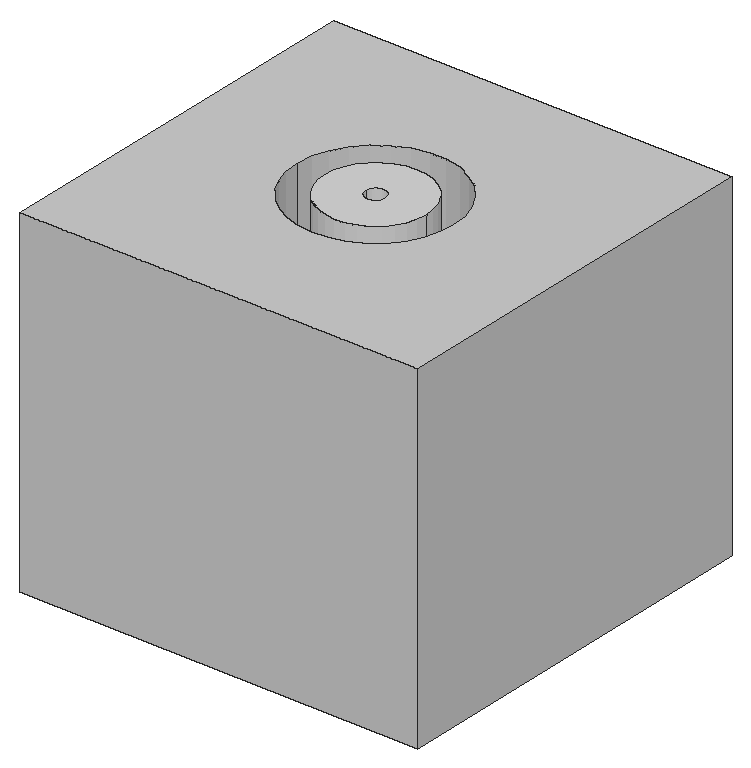
Revit family "Domotics-DomesticRanges-GEWISS-CHORUS_DATA-SOCKET-OUTLET_TV-SAT_2M", category Apparecchi elettrici, host Superficie, Revit 2016
Family settings
  Host = Superficie
  Mantenere orientamento annotazione = Sì
  Tipo di parte = Normale
  Quota connettore circolare = Usa diametro
  Taglio con vuoti quando caricato = Sì
  Condiviso = Sì
  Punto di calcolo locali = Sì
Parameters (values of type "GW14377 - TV/SAT SOCKET 2M DIRECT F.CONN F TIT.")
  Volt = 230 V
  Vista in pianta [instance] = yes
  Version file RFA = "19.0"
  URL = "https://www.gewiss.com/ww/en"
  Tipo_ = SYSTEM PRESE TV-SAT_GENERICO : GW titanio
  Technical sheet = "https://www.gewiss.com/ww/en/search?q=GW14377"
  Simbolo [instance] = yes
  Realized by GEWISS S.p.A. = ""
  Default Elevation = 1219.2 mm
  Produttore = "GEWISS S.p.A."
  Offset presa [instance] = 0 mm
  Offset bidimensionale [instance] = 39.3 mm
  N. poli = 1
  Modello = "GW14377"
  Immagine tipo = GW14377.jpg
  IFC.TypeObject = ""
  IFC.ExportType = ""
  IFC.ExportAs = ""
  IDT = "208dc7ca-ed91-470d-b318-df14e7277599"
  IDF = "cc36dfe0-52ef-4d56-bdf4-90c70f6859ea"
  Electrocod = "3720                "
  EAN code = "8011564823754"
  Distanza_x [instance] = 0 mm
  Distanza_effettiva_y [instance] = 100 mm
  Distanza_effettiva_x [instance] = 1000 mm - Distanza_x  # 1000 mm
  Distanza orizzontale del simbolo [instance] = 45.729 mm
  Distanza dal muro [instance] = 4.208 mm
  Descrizione = "TV/SAT SOCKET 2M DIRECT F.CONN F TIT."
  Catalogue Range = "CHORUS - DOMESTIC RANGE"
  Catalogue = "DOMOTICS"
  Carico apparente = 0 VA
  COBie.Tagnumber = ""
  COBie.CreatedOn = ""
  COBie.CreatebBy = ""
  COBie.ComponentRegisterItemID = ""
  COBie.Component.TagNumber = ""
  COBie.Component.Space = ""
  COBie.Component.SerialNumber = ""
  COBie.Component.InstallationDate = ""
  COBie.Component.Description = ""
  COBie.Component.BarCode = ""
Types (3, lengths in mm): name | Tipo_ | Technical sheet | Modello | Immagine tipo | IDT | Electrocod | EAN code | Descrizione
  GW10377 - TV/SAT SOCKET 2M DIRECT F.CONN F WHITE | SYSTEM PRESE TV-SAT_GENERICO : GW bianco | "https://www.gewiss.com/ww/en/search?q=GW10377" | "GW10377" | GW10377.jpg | "5b304def-5077-42b5-84e6-fefd0e5cc7d5" | "3720                " | "8011564823730" | "TV/SAT SOCKET 2M DIRECT F.CONN F WHITE"
  GW12377 - TV/SAT SOCKET 2M DIRECT F.CONN F BLACK | SYSTEM PRESE TV-SAT_GENERICO : GW nero | "https://www.gewiss.com/ww/en/search?q=GW12377" | "GW12377" | GW12377.jpg | "b3d77996-667c-4138-9a1a-d898607a174c" | "3721                " | "8011564823747" | "TV/SAT SOCKET 2M DIRECT F.CONN F BLACK"
  GW14377 - TV/SAT SOCKET 2M DIRECT F.CONN F TIT. | SYSTEM PRESE TV-SAT_GENERICO : GW titanio | "https://www.gewiss.com/ww/en/search?q=GW14377" | "GW14377" | GW14377.jpg | "208dc7ca-ed91-470d-b318-df14e7277599" | "3720                " | "8011564823754" | "TV/SAT SOCKET 2M DIRECT F.CONN F TIT."
Reference planes
  plane 1 "Centro (Fronte/Retro)": y = 0
  plane 2: z = 0
  plane 3 "Centro (Sinistra/Destra)": x = 0
  plane 4: x = -1000
  plane 5: x = 0
  plane 6: y = 100
  plane 7: z = 0
  plane 8 "A": z = 39.3
  plane 9: z = 39
Lines and regions (mm)
  Masking region 1, visible <- "Vista in pianta"
    outline origin (0, 0, 0) x (1, 0, 0) y (0, 1, 0)
      loop
        line (-22.968, 22.5) -> (-22.968, -22.5) -> (23, -22.5) -> (23, 22.5) -> (-22.968, 22.5)
      loop
        circle (0, 0) r 5.854
      loop
        circle (0, 0) r 9.026
  Masking region 2, visible <- "Vista in pianta"
    outline origin (0, 0, 0) x (1, 0, 0) y (0, 0, 1)
      loop
        line (11.5, 0) -> (11.5, 39) -> (-11.5, 39) -> (-11.5, 0) -> (11.5, 0)
  Masking region 3, visible <- "Vista in pianta"
    outline origin (0, 0, 0) x (0, 1, 0) y (0, 0, 1)
      loop
        line (22.5, 39) -> (-22.5, 39) -> (-22.5, 0) -> (22.5, 0) -> (22.5, 39)
  model lines, style "0", not visible, detail levels coarse
    curve 1: arc (40.941, 35.069, 0) -> (36.863, 30.992, 0) -> (40.941, 26.915, 0) r 4.077
    curve 2: arc (48.922, 26.915, 0) -> (53, 30.992, 0) -> (48.922, 35.069, 0) r 4.077
    curve 3: line (56.432, 23.317, 0) -> (33.432, 23.317, 0)
    curve 4: line (33.432, 23.317, 0) -> (33.432, 68.317, 0)
    curve 5: line (33.432, 68.317, 0) -> (56.432, 68.317, 0)
    curve 6: line (56.432, 68.317, 0) -> (56.432, 23.317, 0)
    curve 7: line (40.941, 35.069, 0) -> (42.406, 35.069, 0)
    curve 8: line (42.406, 35.069, 0) -> (42.406, 64.372, 0)
    curve 9: line (42.406, 64.372, 0) -> (47.457, 64.372, 0)
    curve 10: line (47.457, 64.372, 0) -> (47.457, 35.069, 0)
    curve 11: line (47.457, 35.069, 0) -> (48.922, 35.069, 0)
    curve 12: line (40.941, 26.915, 0) -> (48.922, 26.915, 0)
    curve 13: circle (52.262, 43.827, 60) r 1.146 normal (0, 0, 1)
    curve 14: circle (52.262, 43.827, 60) r 9.026 normal (0, 0, 1)
    curve 15: circle (52.262, 43.827, 60) r 5.854 normal (0, 0, 1)
    curve 16: line (63.762, 21.327, 60) -> (40.762, 21.327, 60)
    curve 17: line (40.762, 21.327, 60) -> (40.762, 66.327, 60)
    curve 18: line (40.762, 66.327, 60) -> (63.762, 66.327, 60)
    curve 19: line (63.762, 66.327, 60) -> (63.762, 21.327, 60)
    curve 20: line (52.262, 55.507, 60) -> (49.371, 61.175, 60)
    curve 21: line (49.371, 61.175, 60) -> (48.566, 61.175, 60)
    curve 22: line (48.566, 61.175, 60) -> (52.262, 53.928, 60)
    curve 23: line (52.262, 53.928, 60) -> (55.958, 61.175, 60)
    curve 24: line (55.958, 61.175, 60) -> (55.153, 61.175, 60)
    curve 25: line (55.153, 61.175, 60) -> (52.262, 55.507, 60)
    curve 26: line (52.665, 63.758, 60) -> (55.483, 63.758, 60)
    curve 27: line (55.483, 63.758, 60) -> (55.483, 64.564, 60)
    curve 28: line (55.483, 64.564, 60) -> (49.041, 64.564, 60)
    curve 29: line (49.041, 64.564, 60) -> (49.041, 63.758, 60)
    curve 30: line (49.041, 63.758, 60) -> (51.859, 63.758, 60)
    curve 31: line (51.859, 63.758, 60) -> (51.859, 58.979, 60)
    curve 32: line (51.859, 58.979, 60) -> (52.665, 58.979, 60)
    curve 33: line (52.665, 58.979, 60) -> (52.665, 63.758, 60)
    curve 41: circle (51.963, 0, 0) r 1.146 normal (0, 0, 1)
    curve 42: circle (51.963, 0, 0) r 9.026 normal (0, 0, 1)
    curve 43: circle (51.963, 0, 0) r 5.854 normal (0, 0, 1)
    curve 44: line (63.463, -22.5, 0) -> (40.463, -22.5, 0)
    curve 45: line (40.463, -22.5, 0) -> (40.463, 22.5, 0)
    curve 46: line (40.463, 22.5, 0) -> (63.463, 22.5, 0)
    curve 47: line (63.463, 22.5, 0) -> (63.463, -22.5, 0)
    curve 48: line (52.166, 16.014, 0) -> (48.685, 19.494, 0)
    curve 49: line (48.685, 19.494, 0) -> (48.685, 20.08, 0)
    curve 50: line (48.685, 20.08, 0) -> (48.23, 20.535, 0)
    curve 51: line (48.23, 20.535, 0) -> (47.417, 20.373, 0)
    curve 52: line (47.417, 20.373, 0) -> (47.221, 19.885, 0)
    curve 53: line (47.221, 19.885, 0) -> (47.286, 19.332, 0)
    curve 54: line (47.286, 19.332, 0) -> (47.677, 19.072, 0)
    curve 55: line (47.677, 19.072, 0) -> (48.295, 19.072, 0)
    curve 56: line (48.295, 19.072, 0) -> (51.759, 15.607, 0)
    curve 57: line (51.759, 15.607, 0) -> (52.166, 16.014, 0)
    curve 58: line (49.408, 17.959, 0) -> (48.714, 17.145, 0)
    curve 59: line (48.714, 17.145, 0) -> (48.071, 16.198, 0)
    curve 60: line (48.071, 16.198, 0) -> (47.507, 15.135, 0)
    curve 61: line (47.507, 15.135, 0) -> (47.16, 14.159, 0)
    curve 62: line (47.16, 14.159, 0) -> (47.03, 13.248, 0)
    curve 63: line (47.03, 13.248, 0) -> (47.073, 12.316, 0)
    curve 64: line (47.073, 12.316, 0) -> (47.377, 11.73, 0)
    curve 65: line (47.377, 11.73, 0) -> (47.854, 11.318, 0)
    curve 66: line (47.854, 11.318, 0) -> (48.369, 11.045, 0)
    curve 67: line (48.369, 11.045, 0) -> (49.047, 10.863, 0)
    curve 68: line (49.047, 10.863, 0) -> (49.979, 10.906, 0)
    curve 69: line (49.979, 10.906, 0) -> (51.302, 11.34, 0)
    curve 70: line (51.302, 11.34, 0) -> (52.669, 12.121, 0)
    curve 71: line (52.669, 12.121, 0) -> (53.991, 13.162, 0)
    curve 72: line (53.991, 13.162, 0) -> (55.098, 14.333, 0)
    curve 73: line (55.098, 14.333, 0) -> (55.878, 15.482, 0)
    curve 74: line (55.878, 15.482, 0) -> (56.442, 16.61, 0)
    curve 75: line (56.442, 16.61, 0) -> (56.811, 17.911, 0)
    curve 76: line (56.811, 17.911, 0) -> (56.854, 18.79, 0)
    curve 77: line (56.854, 18.79, 0) -> (56.659, 19.505, 0)
    curve 78: line (56.659, 19.505, 0) -> (56.334, 19.961, 0)
    curve 79: line (56.334, 19.961, 0) -> (55.792, 20.373, 0)
    curve 80: line (55.792, 20.373, 0) -> (55.163, 20.698, 0)
    curve 81: line (55.163, 20.698, 0) -> (54.541, 20.731, 0)
    curve 82: line (54.541, 20.731, 0) -> (53.597, 20.633, 0)
    curve 83: line (53.597, 20.633, 0) -> (52.784, 20.34, 0)
    curve 84: line (52.784, 20.34, 0) -> (51.515, 19.722, 0)
    curve 85: line (51.515, 19.722, 0) -> (50.474, 18.974, 0)
    curve 86: line (50.474, 18.974, 0) -> (49.817, 18.363, 0)
    curve 87: line (50.27, 17.909, 0) -> (51.042, 18.573, 0)
    curve 88: line (51.042, 18.573, 0) -> (51.909, 19.137, 0)
    curve 89: line (51.909, 19.137, 0) -> (52.647, 19.527, 0)
    curve 90: line (52.647, 19.527, 0) -> (53.406, 19.831, 0)
    curve 91: line (53.406, 19.831, 0) -> (54.252, 19.961, 0)
    curve 92: line (54.252, 19.961, 0) -> (55.011, 19.982, 0)
    curve 93: line (55.011, 19.982, 0) -> (55.575, 19.679, 0)
    curve 94: line (55.575, 19.679, 0) -> (56.03, 19.093, 0)
    curve 95: line (56.03, 19.093, 0) -> (56.117, 18.312, 0)
    curve 96: line (56.117, 18.312, 0) -> (56.073, 17.553, 0)
    curve 97: line (56.073, 17.553, 0) -> (55.857, 16.903, 0)
    curve 98: line (55.857, 16.903, 0) -> (55.314, 15.84, 0)
    curve 99: line (55.314, 15.84, 0) -> (54.512, 14.712, 0)
    curve 100: line (54.512, 14.712, 0) -> (53.597, 13.798, 0)
    curve 101: line (53.597, 13.798, 0) -> (52.6, 12.988, 0)
    curve 102: line (52.6, 12.988, 0) -> (51.472, 12.251, 0)
    curve 103: line (51.472, 12.251, 0) -> (50.735, 11.976, 0)
    curve 104: line (50.735, 11.976, 0) -> (49.896, 11.701, 0)
    curve 105: line (49.896, 11.701, 0) -> (48.956, 11.629, 0)
    curve 106: line (48.956, 11.629, 0) -> (48.378, 11.803, 0)
    curve 107: line (48.378, 11.803, 0) -> (47.988, 12.193, 0)
    curve 108: line (47.988, 12.193, 0) -> (47.785, 12.728, 0)
    curve 109: line (47.785, 12.728, 0) -> (47.771, 13.538, 0)
    curve 110: line (47.771, 13.538, 0) -> (47.901, 14.347, 0)
    curve 111: line (47.901, 14.347, 0) -> (48.204, 15.07, 0)
    curve 112: line (48.204, 15.07, 0) -> (48.551, 15.649, 0)
    curve 113: line (48.551, 15.649, 0) -> (49.014, 16.386, 0)
    curve 114: line (49.014, 16.386, 0) -> (49.491, 16.964, 0)
    curve 115: line (49.491, 16.964, 0) -> (49.91, 17.456, 0)
    curve 116: line (56.706, 15.45, 0) -> (56.099, 14.394, 0)
    curve 117: line (56.099, 14.394, 0) -> (55.347, 13.44, 0)
    curve 118: line (55.347, 13.44, 0) -> (54.552, 12.645, 0)
    curve 119: line (54.552, 12.645, 0) -> (53.757, 11.965, 0)
    curve 120: line (53.757, 11.965, 0) -> (52.846, 11.358, 0)
    curve 121: line (52.846, 11.358, 0) -> (52.036, 10.982, 0)
    curve 122: line (52.036, 10.982, 0) -> (52.397, 10.331, 0)
    curve 123: line (52.397, 10.331, 0) -> (53.178, 10.722, 0)
    curve 124: line (53.178, 10.722, 0) -> (54.046, 11.228, 0)
    curve 125: line (54.046, 11.228, 0) -> (55.029, 12.052, 0)
    curve 126: line (55.029, 12.052, 0) -> (55.853, 12.876, 0)
    curve 127: line (55.853, 12.876, 0) -> (56.677, 13.888, 0)
    curve 128: line (56.677, 13.888, 0) -> (57.111, 14.655, 0)
    curve 129: line (57.111, 14.655, 0) -> (57.4, 15.218, 0)
    curve 130: line (57.4, 15.218, 0) -> (56.706, 15.45, 0)
    curve 131: circle (38.734, 0, 39.3) r 1.146 normal (0, 0, 1)
    curve 132: circle (38.734, 0, 39.3) r 9.026 normal (0, 0, 1)
    curve 133: circle (38.734, 0, 39.3) r 5.854 normal (0, 0, 1)
    curve 134: line (61.734, -22.5, 39.3) -> (15.766, -22.5, 39.3)
    curve 135: line (15.766, -22.5, 39.3) -> (15.766, 22.5, 39.3)
    curve 136: line (15.766, 22.5, 39.3) -> (61.734, 22.5, 39.3)
    curve 137: line (61.734, 22.5, 39.3) -> (61.734, -22.5, 39.3)
  model lines, style "0", detail levels coarse
    curve 34: circle (0, 0, 39.3) r 1.146 normal (0, 0, 1)
    curve 35: circle (0, 0, 39.3) r 9.026 normal (0, 0, 1)
    curve 36: circle (0, 0, 39.3) r 5.854 normal (0, 0, 1)
    curve 37: line (23, -22.5, 39.3) -> (-22.968, -22.5, 39.3)
    curve 38: line (-22.968, -22.5, 39.3) -> (-22.968, 22.5, 39.3)
    curve 39: line (-22.968, 22.5, 39.3) -> (23, 22.5, 39.3)
    curve 40: line (23, 22.5, 39.3) -> (23, -22.5, 39.3)
  model lines
    curve 138: line (-4.713, 18.667, 39.3) -> (-6.702, 18.667, 39.3)
    curve 139: line (-6.702, 18.667, 39.3) -> (-7.529, 17.08, 39.3)
    curve 140: line (-7.529, 17.08, 39.3) -> (-6.838, 15.913, 39.3)
    curve 141: line (-6.838, 15.913, 39.3) -> (-4.877, 15.913, 39.3)
    curve 142: line (-4.877, 15.913, 39.3) -> (-3.934, 14.318, 39.3)
    curve 143: line (-3.934, 14.318, 39.3) -> (-4.654, 12.941, 39.3)
    curve 144: line (-4.654, 12.941, 39.3) -> (-6.702, 12.941, 39.3)
    curve 145: line (-2.183, 12.678, 39.3) -> (-0.003, 18.667, 39.3)
    curve 146: line (-0.003, 18.667, 39.3) -> (2.177, 12.678, 39.3)
    curve 147: line (-1.558, 14.396, 39.3) -> (1.552, 14.396, 39.3)
    curve 148: line (3.079, 18.667, 39.3) -> (7.042, 18.667, 39.3)
    curve 149: line (5.162, 18.667, 39.3) -> (5.162, 12.678, 39.3)
  model lines, not visible
    curve 150: line (34.021, 18.667, 39.3) -> (32.032, 18.667, 39.3)
    curve 151: line (32.032, 18.667, 39.3) -> (31.205, 17.08, 39.3)
    curve 152: line (31.205, 17.08, 39.3) -> (31.896, 15.913, 39.3)
    curve 153: line (31.896, 15.913, 39.3) -> (33.857, 15.913, 39.3)
    curve 154: line (33.857, 15.913, 39.3) -> (34.8, 14.318, 39.3)
    curve 155: line (34.8, 14.318, 39.3) -> (34.08, 12.941, 39.3)
    curve 156: line (34.08, 12.941, 39.3) -> (32.032, 12.941, 39.3)
    curve 157: line (36.551, 12.678, 39.3) -> (38.731, 18.667, 39.3)
    curve 158: line (38.731, 18.667, 39.3) -> (40.911, 12.678, 39.3)
    curve 159: line (37.177, 14.396, 39.3) -> (40.286, 14.396, 39.3)
    curve 160: line (41.813, 18.667, 39.3) -> (45.776, 18.667, 39.3)
    curve 161: line (43.896, 18.667, 39.3) -> (43.896, 12.678, 39.3)
Dimensions and locks
  plane 4 to plane 3 "Centro (Sinistra/Destra)" = 1000 mm
  "Distanza_effettiva_x": plane 4 to plane 5
  "Distanza_effettiva_y": plane 6 to plane 1 "Centro (Fronte/Retro)"
  "Offset presa": plane 7 to host face
  "Offset bidimensionale": plane 8 "A" to host face
  locked: plane 9 to plane 7 at 39
  aligned and locked: plane 2 to host face
  aligned and locked: level to host face
  aligned and locked: nested 1 to plane 5
  aligned and locked: nested 1 to plane 6
  aligned and locked: plane 3 "Centro (Sinistra/Destra)" to nested 2
  aligned and locked: plane 1 "Centro (Fronte/Retro)" to nested 2
  aligned and locked: plane 9 to Masking region 2 sketch curve
  aligned and locked: Masking region 2 to plane 7
  aligned and locked: Masking region 3 to plane 7
Automatic sketch dimensions
  host sketch curve to host sketch curve = 2438.4 mm  (x2)
  plane 3 "Centro (Sinistra/Destra)" to Masking region 2 sketch curve = 11.5 mm
  curve 34 to curve 36 = 0 mm  (x4)
  curve 35 to curve 36 = 0 mm  (x3)
  curve 38 to curve 34 = 22.5 mm
  curve 34 to curve 37 = 22.5 mm
  curve 38 to curve 34 = 22.968 mm
  curve 38 to curve 39 = 45.968 mm
  curve 131 to curve 133 = 0 mm  (x4)
  curve 132 to curve 133 = 0 mm  (x3)
  curve 135 to curve 131 = 22.5 mm
  curve 131 to curve 134 = 22.5 mm
  curve 135 to curve 131 = 22.968 mm
  curve 135 to curve 136 = 45.968 mm
  curve 39 to curve 148 = 3.833 mm
  curve 146 to curve 148 = 0 mm
  curve 38 to curve 138 = 3.833 mm
  curve 138 to curve 140 = 1.587 mm
  curve 139 to curve 140 = 1.167 mm
  curve 141 to curve 142 = 1.595 mm
  curve 142 to curve 144 = 1.376 mm
  curve 147 to curve 149 = 1.718 mm
  curve 147 to curve 146 = 1.718 mm
  curve 147 to curve 145 = 1.718 mm
  curve 38 to curve 139 = 15.439 mm
  curve 139 to curve 140 = 0.69 mm
  curve 139 to curve 139 = 0.827 mm
  curve 140 to curve 144 = 0.137 mm
  curve 140 to curve 142 = 1.962 mm
  curve 138 to curve 138 = 1.989 mm
  curve 144 to curve 144 = 2.048 mm
  curve 143 to curve 143 = 0.72 mm
  curve 142 to curve 145 = 1.751 mm
  curve 145 to curve 147 = 0.625 mm
  curve 147 to curve 146 = 1.555 mm
  curve 147 to curve 146 = 0.625 mm
  curve 145 to curve 148 = 3.082 mm
  curve 148 to curve 149 = 2.083 mm
  curve 149 to curve 148 = 1.88 mm
  curve 34 to curve 35 = 0 mm  (x3)
  curve 136 to curve 160 = 3.833 mm
  curve 158 to curve 160 = 0 mm
  curve 135 to curve 150 = 3.833 mm
  curve 150 to curve 152 = 1.587 mm
  curve 151 to curve 152 = 1.167 mm
  curve 153 to curve 154 = 1.595 mm
  curve 154 to curve 156 = 1.376 mm
  curve 159 to curve 161 = 1.718 mm
  curve 159 to curve 158 = 1.718 mm
  curve 159 to curve 157 = 1.718 mm
  curve 135 to curve 151 = 15.439 mm
  curve 151 to curve 152 = 0.69 mm
  curve 151 to curve 151 = 0.827 mm
  curve 152 to curve 156 = 0.137 mm
  curve 152 to curve 154 = 1.962 mm
  curve 150 to curve 150 = 1.989 mm
  curve 156 to curve 156 = 2.048 mm
  curve 155 to curve 155 = 0.72 mm
  curve 154 to curve 157 = 1.751 mm
  curve 157 to curve 159 = 0.625 mm
  curve 159 to curve 158 = 1.555 mm
  curve 159 to curve 158 = 0.625 mm
  curve 157 to curve 160 = 3.082 mm
  curve 160 to curve 161 = 2.083 mm
  curve 161 to curve 160 = 1.88 mm
  curve 131 to curve 132 = 0 mm  (x3)
  Masking region 2 sketch curve to level = 0 mm
  Masking region 2 sketch curve to plane 3 "Centro (Sinistra/Destra)" = 11.5 mm
  plane 9 to Masking region 3 sketch curve = 0 mm
  Masking region 3 sketch curve to level = 0 mm
  plane 1 "Centro (Fronte/Retro)" to Masking region 3 sketch curve = 22.5 mm
  Masking region 3 sketch curve to plane 1 "Centro (Fronte/Retro)" = 22.5 mm
  Masking region 1 sketch curve to Masking region 1 sketch curve = 0 mm  (x12)
  plane 1 "Centro (Fronte/Retro)" to Masking region 1 sketch curve = 0 mm
  Masking region 1 sketch curve to plane 3 "Centro (Sinistra/Destra)" = 0 mm
  Masking region 1 sketch curve to plane 3 "Centro (Sinistra/Destra)" = 22.968 mm
  plane 3 "Centro (Sinistra/Destra)" to Masking region 1 sketch curve = 23 mm
  plane 1 "Centro (Fronte/Retro)" to Masking region 1 sketch curve = 22.5 mm
  Masking region 1 sketch curve to plane 1 "Centro (Fronte/Retro)" = 22.5 mm
  Masking region 1 sketch curve to Masking region 1 sketch curve = 5.854 mm
  Masking region 1 sketch curve to Masking region 1 sketch curve = 3.172 mm
  radius of curve 34 = 1.146 mm
  radius of curve 35 = 9.026 mm
  radius of curve 36 = 5.854 mm
  radius of curve 131 = 1.146 mm
  radius of curve 132 = 9.026 mm
  radius of curve 133 = 5.854 mm
Nested families
  nested 1: "SIMBOLO" at (0, 100, 0), visible <- "Simbolo", SIMBOLO <- "Simbolo", type "SIMBOLO"
    with SIMBOLO yes, Distanza dal muro 4.208 mm, BORDO ACCESO yes
  nested 2: "SYSTEM PRESE TV-SAT_GENERICO" at (0, 0, 0), type <- "Tipo_", type "GW titanio", detail levels medium+fine
Connectors
  electrical at (0, 0, 0), driven by "N. poli", driven by "Volt", driven by "Carico apparente"
    settings: on nested 2, index 1, voltage 230 V, apparent load 0 VA, apparent load phase1 0 VA, apparent load phase2 0 VA, apparent load phase3 0 VA, power factor 1, load classification "Altro", number of poles 1, system type 31, power factor state 1, is connector primary yes, connector utility no, sub classification motor no, connector description ""
Definition of nested family "SYSTEM PRESE TV-SAT_GENERICO"
  Parameters (values of type "GW bianco")
    Profondità presa = 39 mm
    Finitura System Limitatore Tensione = none
    Altezza da Terra = 750 mm
  Types (11): name
    GW bianco
    GW nero
    GW titanio
    GW21396 Presa TV/SAT passante attenuata 5 dB conn. F-femmina nero
    GW21393 Presa TV/SAT passante attenuata 14dB conn. F-femmina nero
    GW21392 Presa TV/SAT passante attenuata 10dB conn. F-femmina nero
    GW21391 Presa TV/SAT diretta conn. F-femmina nero
    GW20396 Presa TV/SAT passante attenuata 5 dB conn. F-femmina bianco
    GW20393 Presa TV/SAT passante attenuata 14dB conn. F-femmina bianco
    GW20392 Presa TV/SAT passante attenuata 10dB conn. F-femmina bianco
    GW20391 Presa TV/SAT diretta conn. F-femmina bianco
  Reference planes
    plane 1 "Centro (Fronte/Retro)": y = 0
    plane 2: z = 0
    plane 3 "Centro (Sinistra/Destra)": x = 0
    plane 4: z = 0
    plane 5 "a": z = 39
    plane 6: z = 34
    plane 7: x = -22.822
    plane 8: x = 22.822
    plane 9: y = 22.5
    plane 10: y = -22.5
    plane 11: z = 1
  Forms (mm)
    Extrusion 1, solid, material <- "Finitura System Limitatore Tensione"
      sketch origin (-51.984, -802.514, 39) x (1, 0, 0) y (0, 1, 0)
        loop
          line (29.162, 825.014) -> (29.162, 780.014) -> (74.806, 780.014) -> (74.806, 825.014) -> (29.162, 825.014)
        loop
          circle (51.929, 802.514) r 9.026
      from 0 to -39
    Extrusion 2, solid, material <- "Finitura System Limitatore Tensione"
      sketch origin (0, 0, 0) x (1, 0, 0) y (0, 1, 0)
        loop
          circle (0, 0) r 20.348
      from 0 to 1
    Extrusion 3, solid
      sketch origin (0, 0, 0) x (1, 0, 0) y (0, 1, 0)
        loop
          circle (0, 0) r 5.854
        loop
          circle (0, 0) r 1.146
      from 34 to 39
  Cuts and joins
    joined: Extrusion 1, Extrusion 2
  Lines and regions (mm)
    model lines
      curve 1: line (-6.702, 18.667, 39) -> (-4.713, 18.667, 39)
      curve 2: line (-6.702, 18.667, 39) -> (-7.529, 17.08, 39)
      curve 3: line (-7.529, 17.08, 39) -> (-6.838, 15.913, 39)
      curve 4: line (-4.877, 15.913, 39) -> (-3.934, 14.318, 39)
      curve 5: line (-6.838, 15.913, 39) -> (-4.877, 15.913, 39)
      curve 6: line (-3.934, 14.318, 39) -> (-4.654, 12.941, 39)
      curve 7: line (-4.654, 12.941, 39) -> (-6.702, 12.941, 39)
      curve 8: line (-0.003, 18.667, 39) -> (-2.183, 12.678, 39)
      curve 9: line (1.552, 14.396, 39) -> (-1.558, 14.396, 39)
      curve 10: line (5.162, 18.667, 39) -> (5.162, 12.678, 39)
      curve 11: line (-0.003, 18.667, 39) -> (2.177, 12.678, 39)
      curve 12: line (3.079, 18.667, 39) -> (7.042, 18.667, 39)
  Dimensions and locks
    "Profondità presa": plane 5 "a" to level
    plane 5 "a" to plane 6 = 5 mm
    equal spacing: plane 10, plane 1 "Centro (Fronte/Retro)", plane 9
    plane 10 to plane 9 = 45 mm
    equal spacing: plane 7, plane 3 "Centro (Sinistra/Destra)", plane 8
    plane 7 to plane 8 = 45.644 mm
    locked: plane 11 to level at 1
    aligned and locked: level to plane 2
    aligned and locked: Extrusion 1 to plane 4
    aligned and locked: plane 2 to plane 4
    aligned and locked: plane 5 "a" to Extrusion 1
    aligned and locked: Extrusion 1 to plane 9
    aligned and locked: plane 10 to Extrusion 1
    aligned and locked: Extrusion 2 to level
    aligned and locked: plane 11 to Extrusion 2
    aligned and locked: Extrusion 3 to plane 6
    aligned and locked: plane 5 "a" to Extrusion 3
  Automatic sketch dimensions
    Extrusion 1 sketch curve to plane 3 "Centro (Sinistra/Destra)" = 22.822 mm
    plane 1 "Centro (Fronte/Retro)" to Extrusion 1 sketch curve = 22.5 mm
    Extrusion 1 sketch curve to plane 1 "Centro (Fronte/Retro)" = 22.5 mm
    plane 3 "Centro (Sinistra/Destra)" to Extrusion 1 sketch curve = 22.822 mm
    Extrusion 2 sketch curve to Extrusion 2 sketch curve = 0 mm  (x2)
    plane 1 "Centro (Fronte/Retro)" to Extrusion 2 sketch curve = 0 mm
    Extrusion 2 sketch curve to plane 3 "Centro (Sinistra/Destra)" = 0 mm
    Extrusion 2 sketch curve to plane 7 = 2.474 mm
    plane 9 to curve 1 = 3.833 mm
    curve 11 to plane 3 "Centro (Sinistra/Destra)" = 0.003 mm
    plane 9 to curve 11 = 3.833 mm
    curve 1 to curve 2 = 1.587 mm
    curve 2 to curve 5 = 1.167 mm
    curve 4 to plane 3 "Centro (Sinistra/Destra)" = 3.934 mm
    curve 4 to curve 4 = 1.595 mm
    curve 6 to plane 3 "Centro (Sinistra/Destra)" = 4.654 mm
    curve 4 to curve 6 = 1.376 mm
    curve 4 to curve 4 = 0.943 mm
    curve 1 to curve 4 = 1.825 mm
    curve 3 to curve 4 = 1.962 mm
    curve 2 to curve 3 = 0.69 mm
    curve 8 to curve 12 = 0 mm
    curve 9 to curve 4 = 0.078 mm
    plane 3 "Centro (Sinistra/Destra)" to curve 11 = 2.177 mm
    curve 9 to curve 11 = 1.718 mm
    curve 11 to curve 10 = 0 mm
    curve 8 to plane 3 "Centro (Sinistra/Destra)" = 2.183 mm
    curve 9 to curve 8 = 1.718 mm
    curve 1 to curve 1 = 1.989 mm
    curve 7 to curve 6 = 2.048 mm
    plane 3 "Centro (Sinistra/Destra)" to curve 12 = 3.079 mm
    curve 11 to curve 10 = 2.985 mm
    curve 10 to curve 12 = 1.88 mm
Definition of nested family "SIMBOLO"
  Parameters (values of type "SIMBOLO")
    SIMBOLO [instance] = yes
    Distanza dal muro [instance] = 4.208 mm
    BORDO ACCESO [instance] = yes
  Reference planes
    plane 1: y = 0
    plane 2: x = 0
  Dimensions and locks
    aligned and locked: plane 1 to nested 1
  Nested families
    nested 1: "SCARICSOVRAT_BASE" at (0, 0, 0), BORDO ACCESO <- "BORDO ACCESO", visible <- "SIMBOLO", type "SCARICSOVRAT"
      with BORDO ACCESO yes
  Definition of nested family "SCARICSOVRAT_BASE"
    Parameters (values of type "SCARICSOVRAT")
      Distanza dal muro = 4.208 mm
      BORDO ACCESO [instance] = yes
    Reference planes
      plane 1: y = 0
      plane 2: x = 0
    Lines and regions (mm)
      detail lines, visible <- "BORDO ACCESO", not visible
        curve 1: line (-1.743, 9.208, 0) -> (2.057, 9.208, 0)
        curve 2: line (2.057, 9.208, 0) -> (2.057, 4.208, 0)
        curve 3: line (2.057, 4.208, 0) -> (-1.743, 4.208, 0)
        curve 4: line (-1.743, 4.208, 0) -> (-1.743, 9.208, 0)
        curve 5: line (-1.543, 9.008, 0) -> (1.857, 9.008, 0)
        curve 6: line (1.857, 9.008, 0) -> (1.857, 4.408, 0)
        curve 7: line (1.857, 4.408, 0) -> (-1.543, 4.408, 0)
        curve 8: line (-1.543, 4.408, 0) -> (-1.543, 9.008, 0)
    Dimensions and locks
      aligned and locked: import instance to plane 2
      aligned and locked: plane 1 to import instance
